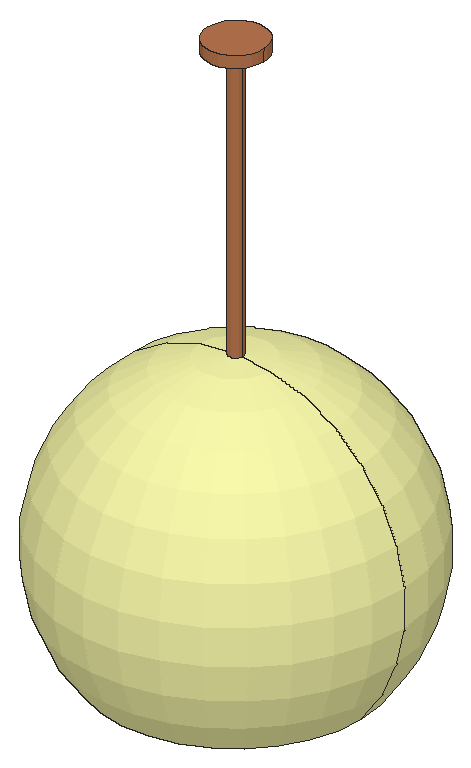
Revit family "EPA_Spherical Suspended Speaker", category Electrical Fixtures, Revit 2013
Parameters
  Soffit/Ceiling Level [instance] = 3000 mm
  Lt = Whitecroft Lighting_Polycarbonate
  Load Classification = Ltg
  Lamp = "1x35W"
  Glass = Glass, Green
  Bottom of Speaker [instance] = 2500 mm
  Apparent Load = 35 VA
Reference planes
  plane 1 "Light Source Axis (F/B)": y = 0
  plane 2: z = 0
  plane 3 "Light Source Axis (L/R)": x = 0
  plane 4 "Light Source Elevation": z = 2500
  plane 5: z = 3000
  plane 6: z = 2750
  plane 7: z = 2990
  plane 8: z = 2600
Forms (mm)
  Extrusion 1, solid, material "Light Body"
    sketch origin (500, 0, 0) x (1, 0, 0) y (0, 1, 0)
      loop
        circle (-500, 0) r 6
    from 2750 to 2990
  Extrusion 2, solid, material "Light Body"
    sketch origin (-500, 0, 2990) x (1, 0, 0) y (0, 1, 0)
      loop
        circle (500, 0) r 25
    from 0 to 10
  Revolve 3, solid, material "Face Plate"
    sketch origin (0, 0, 0) x (1, 0, 0) y (0, 0, 1)
      loop
        arc (0, 2750) -> (-136.931, 2661.237) -> (-111.803, 2500) r 150
        line (-111.803, 2500) -> (0, 2500) -> (0, 2750)
      axis (0, 2750) -> (0, 2500)
    angle from 0 to 360
  Extrusion 4, void
    sketch origin (20, 0, 2500) x (0, -1, 0) y (1, 0, 0)
      loop
        circle (0, 0) r 5
    from 0 to 10
  Extrusion 5, void
    sketch origin (40, 0, 2500) x (0, -1, 0) y (1, 0, 0)
      loop
        circle (0, 0) r 5
    from 0 to 10
  Extrusion 6, void
    sketch origin (60, 0, 2500) x (0, -1, 0) y (1, 0, 0)
      loop
        circle (0, 0) r 5
    from 0 to 10
  Extrusion 7, void
    sketch origin (80, 0, 2500) x (0, -1, 0) y (1, 0, 0)
      loop
        circle (0, 0) r 5
    from 0 to 10
  Extrusion 8, void
    sketch origin (100, 0, 2500) x (0, -1, 0) y (1, 0, 0)
      loop
        circle (0, 0) r 5
    from 0 to 10
  Extrusion 9, void
    sketch origin (20, 20, 2500) x (0, -1, 0) y (1, 0, 0)
      loop
        circle (0, 0) r 5
    from 0 to 10
  Extrusion 10, void
    sketch origin (40, 20, 2500) x (0, -1, 0) y (1, 0, 0)
      loop
        circle (0, 0) r 5
    from 0 to 10
  Extrusion 11, void
    sketch origin (60, 20, 2500) x (0, -1, 0) y (1, 0, 0)
      loop
        circle (0, 0) r 5
    from 0 to 10
  Extrusion 12, void
    sketch origin (80, 20, 2500) x (0, -1, 0) y (1, 0, 0)
      loop
        circle (0, 0) r 5
    from 0 to 10
  Extrusion 13, void
    sketch origin (20, 40, 2500) x (0, -1, 0) y (1, 0, 0)
      loop
        circle (0, 0) r 5
    from 0 to 10
  Extrusion 14, void
    sketch origin (40, 40, 2500) x (0, -1, 0) y (1, 0, 0)
      loop
        circle (0, 0) r 5
    from 0 to 10
  Extrusion 15, void
    sketch origin (60, 40, 2500) x (0, -1, 0) y (1, 0, 0)
      loop
        circle (0, 0) r 5
    from 0 to 10
  Extrusion 16, void
    sketch origin (20, 60, 2500) x (0, -1, 0) y (1, 0, 0)
      loop
        circle (0, 0) r 5
    from 0 to 10
  Extrusion 17, void
    sketch origin (40, 60, 2500) x (0, -1, 0) y (1, 0, 0)
      loop
        circle (0, 0) r 5
    from 0 to 10
  Extrusion 18, void
    sketch origin (60, 60, 2500) x (0, -1, 0) y (1, 0, 0)
      loop
        circle (0, 0) r 5
    from 0 to 10
  Extrusion 19, void
    sketch origin (80, 40, 2500) x (0, -1, 0) y (1, 0, 0)
      loop
        circle (0, 0) r 5
    from 0 to 10
  Extrusion 20, void
    sketch origin (100, 20, 2500) x (0, -1, 0) y (1, 0, 0)
      loop
        circle (0, 0) r 5
    from 0 to 10
  Extrusion 21, void
    sketch origin (20, 80, 2500) x (0, -1, 0) y (1, 0, 0)
      loop
        circle (0, 0) r 5
    from 0 to 10
  Extrusion 22, void
    sketch origin (40, 80, 2500) x (0, -1, 0) y (1, 0, 0)
      loop
        circle (0, 0) r 5
    from 0 to 10
  Extrusion 23, void
    sketch origin (60, 80, 2500) x (0, -1, 0) y (1, 0, 0)
      loop
        circle (0, 0) r 5
    from 0 to 10
  Extrusion 24, void
    sketch origin (80, 60, 2500) x (0, -1, 0) y (1, 0, 0)
      loop
        circle (0, 0) r 5
    from 0 to 10
  Extrusion 25, void
    sketch origin (0, 20, 2500) x (0, -1, 0) y (1, 0, 0)
      loop
        circle (0, 0) r 5
    from 0 to 10
  Extrusion 26, void
    sketch origin (0, 40, 2500) x (0, -1, 0) y (1, 0, 0)
      loop
        circle (0, 0) r 5
    from 0 to 10
  Extrusion 27, void
    sketch origin (0, 60, 2500) x (0, -1, 0) y (1, 0, 0)
      loop
        circle (0, 0) r 5
    from 0 to 10
  Extrusion 28, void
    sketch origin (0, 80, 2500) x (0, -1, 0) y (1, 0, 0)
      loop
        circle (0, 0) r 5
    from 0 to 10
  Extrusion 29, void
    sketch origin (20, 100, 2500) x (0, -1, 0) y (1, 0, 0)
      loop
        circle (0, 0) r 5
    from 0 to 10
  Extrusion 30, void
    sketch origin (0, 100, 2500) x (0, -1, 0) y (1, 0, 0)
      loop
        circle (0, 0) r 5
    from 0 to 10
  Extrusion 31, void
    sketch origin (20, -20, 2500) x (0, 1, 0) y (-1, 0, 0)
      loop
        circle (0, 0) r 5
    from 0 to 10
  Extrusion 32, void
    sketch origin (40, -20, 2500) x (0, 1, 0) y (-1, 0, 0)
      loop
        circle (0, 0) r 5
    from 0 to 10
  Extrusion 33, void
    sketch origin (60, -20, 2500) x (0, 1, 0) y (-1, 0, 0)
      loop
        circle (0, 0) r 5
    from 0 to 10
  Extrusion 34, void
    sketch origin (80, -20, 2500) x (0, 1, 0) y (-1, 0, 0)
      loop
        circle (0, 0) r 5
    from 0 to 10
  Extrusion 35, void
    sketch origin (20, -40, 2500) x (0, 1, 0) y (-1, 0, 0)
      loop
        circle (0, 0) r 5
    from 0 to 10
  Extrusion 36, void
    sketch origin (40, -40, 2500) x (0, 1, 0) y (-1, 0, 0)
      loop
        circle (0, 0) r 5
    from 0 to 10
  Extrusion 37, void
    sketch origin (60, -40, 2500) x (0, 1, 0) y (-1, 0, 0)
      loop
        circle (0, 0) r 5
    from 0 to 10
  Extrusion 38, void
    sketch origin (20, -60, 2500) x (0, 1, 0) y (-1, 0, 0)
      loop
        circle (0, 0) r 5
    from 0 to 10
  Extrusion 39, void
    sketch origin (40, -60, 2500) x (0, 1, 0) y (-1, 0, 0)
      loop
        circle (0, 0) r 5
    from 0 to 10
  Extrusion 40, void
    sketch origin (60, -60, 2500) x (0, 1, 0) y (-1, 0, 0)
      loop
        circle (0, 0) r 5
    from 0 to 10
  Extrusion 41, void
    sketch origin (80, -40, 2500) x (0, 1, 0) y (-1, 0, 0)
      loop
        circle (0, 0) r 5
    from 0 to 10
  Extrusion 42, void
    sketch origin (100, -20, 2500) x (0, 1, 0) y (-1, 0, 0)
      loop
        circle (0, 0) r 5
    from 0 to 10
  Extrusion 43, void
    sketch origin (20, -80, 2500) x (0, 1, 0) y (-1, 0, 0)
      loop
        circle (0, 0) r 5
    from 0 to 10
  Extrusion 44, void
    sketch origin (40, -80, 2500) x (0, 1, 0) y (-1, 0, 0)
      loop
        circle (0, 0) r 5
    from 0 to 10
  Extrusion 45, void
    sketch origin (60, -80, 2500) x (0, 1, 0) y (-1, 0, 0)
      loop
        circle (0, 0) r 5
    from 0 to 10
  Extrusion 46, void
    sketch origin (80, -60, 2500) x (0, 1, 0) y (-1, 0, 0)
      loop
        circle (0, 0) r 5
    from 0 to 10
  Extrusion 47, void
    sketch origin (0, -20, 2500) x (0, 1, 0) y (-1, 0, 0)
      loop
        circle (0, 0) r 5
    from 0 to 10
  Extrusion 48, void
    sketch origin (0, -40, 2500) x (0, 1, 0) y (-1, 0, 0)
      loop
        circle (0, 0) r 5
    from 0 to 10
  Extrusion 49, void
    sketch origin (0, -60, 2500) x (0, 1, 0) y (-1, 0, 0)
      loop
        circle (0, 0) r 5
    from 0 to 10
  Extrusion 50, void
    sketch origin (0, -80, 2500) x (0, 1, 0) y (-1, 0, 0)
      loop
        circle (0, 0) r 5
    from 0 to 10
  Extrusion 51, void
    sketch origin (20, -100, 2500) x (0, 1, 0) y (-1, 0, 0)
      loop
        circle (0, 0) r 5
    from 0 to 10
  Extrusion 52, void
    sketch origin (0, -100, 2500) x (0, 1, 0) y (-1, 0, 0)
      loop
        circle (0, 0) r 5
    from 0 to 10
  Extrusion 53, void
    sketch origin (-20, 0, 2500) x (0, -1, 0) y (1, 0, 0)
      loop
        circle (0, 0) r 5
    from 0 to 10
  Extrusion 54, void
    sketch origin (-40, 0, 2500) x (0, -1, 0) y (1, 0, 0)
      loop
        circle (0, 0) r 5
    from 0 to 10
  Extrusion 55, void
    sketch origin (-60, 0, 2500) x (0, -1, 0) y (1, 0, 0)
      loop
        circle (0, 0) r 5
    from 0 to 10
  Extrusion 56, void
    sketch origin (-80, 0, 2500) x (0, -1, 0) y (1, 0, 0)
      loop
        circle (0, 0) r 5
    from 0 to 10
  Extrusion 57, void
    sketch origin (-100, 0, 2500) x (0, -1, 0) y (1, 0, 0)
      loop
        circle (0, 0) r 5
    from 0 to 10
  Extrusion 58, void
    sketch origin (-20, 20, 2500) x (0, -1, 0) y (1, 0, 0)
      loop
        circle (0, 0) r 5
    from 0 to 10
  Extrusion 59, void
    sketch origin (-40, 20, 2500) x (0, -1, 0) y (1, 0, 0)
      loop
        circle (0, 0) r 5
    from 0 to 10
  Extrusion 60, void
    sketch origin (-60, 20, 2500) x (0, -1, 0) y (1, 0, 0)
      loop
        circle (0, 0) r 5
    from 0 to 10
  Extrusion 61, void
    sketch origin (-80, 20, 2500) x (0, -1, 0) y (1, 0, 0)
      loop
        circle (0, 0) r 5
    from 0 to 10
  Extrusion 62, void
    sketch origin (-20, 40, 2500) x (0, -1, 0) y (1, 0, 0)
      loop
        circle (0, 0) r 5
    from 0 to 10
  Extrusion 63, void
    sketch origin (-40, 40, 2500) x (0, -1, 0) y (1, 0, 0)
      loop
        circle (0, 0) r 5
    from 0 to 10
  Extrusion 64, void
    sketch origin (-60, 40, 2500) x (0, -1, 0) y (1, 0, 0)
      loop
        circle (0, 0) r 5
    from 0 to 10
  Extrusion 65, void
    sketch origin (-20, 60, 2500) x (0, -1, 0) y (1, 0, 0)
      loop
        circle (0, 0) r 5
    from 0 to 10
  Extrusion 66, void
    sketch origin (-40, 60, 2500) x (0, -1, 0) y (1, 0, 0)
      loop
        circle (0, 0) r 5
    from 0 to 10
  Extrusion 67, void
    sketch origin (-60, 60, 2500) x (0, -1, 0) y (1, 0, 0)
      loop
        circle (0, 0) r 5
    from 0 to 10
  Extrusion 68, void
    sketch origin (-100, 20, 2500) x (0, -1, 0) y (1, 0, 0)
      loop
        circle (0, 0) r 5
    from 0 to 10
  Extrusion 69, void
    sketch origin (-20, 80, 2500) x (0, -1, 0) y (1, 0, 0)
      loop
        circle (0, 0) r 5
    from 0 to 10
  Extrusion 70, void
    sketch origin (-40, 80, 2500) x (0, -1, 0) y (1, 0, 0)
      loop
        circle (0, 0) r 5
    from 0 to 10
  Extrusion 71, void
    sketch origin (-60, 80, 2500) x (0, -1, 0) y (1, 0, 0)
      loop
        circle (0, 0) r 5
    from 0 to 10
  Extrusion 72, void
    sketch origin (-80, 60, 2500) x (0, -1, 0) y (1, 0, 0)
      loop
        circle (0, 0) r 5
    from 0 to 10
  Extrusion 73, void
    sketch origin (-20, 100, 2500) x (0, -1, 0) y (1, 0, 0)
      loop
        circle (0, 0) r 5
    from 0 to 10
  Extrusion 74, void
    sketch origin (-20, -20, 2500) x (0, 1, 0) y (-1, 0, 0)
      loop
        circle (0, 0) r 5
    from 0 to 10
  Extrusion 75, void
    sketch origin (-40, -20, 2500) x (0, 1, 0) y (-1, 0, 0)
      loop
        circle (0, 0) r 5
    from 0 to 10
  Extrusion 76, void
    sketch origin (-60, -20, 2500) x (0, 1, 0) y (-1, 0, 0)
      loop
        circle (0, 0) r 5
    from 0 to 10
  Extrusion 77, void
    sketch origin (-80, -20, 2500) x (0, 1, 0) y (-1, 0, 0)
      loop
        circle (0, 0) r 5
    from 0 to 10
  Extrusion 78, void
    sketch origin (-20, -40, 2500) x (0, 1, 0) y (-1, 0, 0)
      loop
        circle (0, 0) r 5
    from 0 to 10
  Extrusion 79, void
    sketch origin (-40, -40, 2500) x (0, 1, 0) y (-1, 0, 0)
      loop
        circle (0, 0) r 5
    from 0 to 10
  Extrusion 80, void
    sketch origin (-60, -40, 2500) x (0, 1, 0) y (-1, 0, 0)
      loop
        circle (0, 0) r 5
    from 0 to 10
  Extrusion 81, void
    sketch origin (-20, -60, 2500) x (0, 1, 0) y (-1, 0, 0)
      loop
        circle (0, 0) r 5
    from 0 to 10
  Extrusion 82, void
    sketch origin (-40, -60, 2500) x (0, 1, 0) y (-1, 0, 0)
      loop
        circle (0, 0) r 5
    from 0 to 10
  Extrusion 83, void
    sketch origin (-60, -60, 2500) x (0, 1, 0) y (-1, 0, 0)
      loop
        circle (0, 0) r 5
    from 0 to 10
  Extrusion 84, void
    sketch origin (-80, -40, 2500) x (0, 1, 0) y (-1, 0, 0)
      loop
        circle (0, 0) r 5
    from 0 to 10
  Extrusion 85, void
    sketch origin (-100, -20, 2500) x (0, 1, 0) y (-1, 0, 0)
      loop
        circle (0, 0) r 5
    from 0 to 10
  Extrusion 86, void
    sketch origin (-20, -80, 2500) x (0, 1, 0) y (-1, 0, 0)
      loop
        circle (0, 0) r 5
    from 0 to 10
  Extrusion 87, void
    sketch origin (-40, -80, 2500) x (0, 1, 0) y (-1, 0, 0)
      loop
        circle (0, 0) r 5
    from 0 to 10
  Extrusion 88, void
    sketch origin (-60, -80, 2500) x (0, 1, 0) y (-1, 0, 0)
      loop
        circle (0, 0) r 5
    from 0 to 10
  Extrusion 89, void
    sketch origin (-80, -60, 2500) x (0, 1, 0) y (-1, 0, 0)
      loop
        circle (0, 0) r 5
    from 0 to 10
  Extrusion 90, void
    sketch origin (-20, -100, 2500) x (0, 1, 0) y (-1, 0, 0)
      loop
        circle (0, 0) r 5
    from 0 to 10
  Extrusion 91, void
    sketch origin (-80, 40, 2500) x (0, -1, 0) y (1, 0, 0)
      loop
        circle (0, 0) r 5
    from 0 to 10
  Extrusion 92, void
    sketch origin (0, 0, 2500) x (0, -1, 0) y (1, 0, 0)
      loop
        circle (0, 0) r 5
    from 0 to 10
Cuts and joins
  Extrusion 4, Extrusion 5, Extrusion 6, Extrusion 7, Extrusion 8, Extrusion 9, Extrusion 10, Extrusion 11, Extrusion 12, Extrusion 13, Extrusion 14, Extrusion 15, Extrusion 16, Extrusion 17, Extrusion 18, Extrusion 19, Extrusion 20, Extrusion 21, Extrusion 22, Extrusion 23, Extrusion 24, Extrusion 25, Extrusion 26, Extrusion 27, Extrusion 28, Extrusion 29, Extrusion 30, Extrusion 31, Extrusion 32, Extrusion 33, Extrusion 34, Extrusion 35, Extrusion 36, Extrusion 37, Extrusion 38, Extrusion 39, Extrusion 40, Extrusion 41, Extrusion 42, Extrusion 43, Extrusion 44, Extrusion 45, Extrusion 46, Extrusion 47, Extrusion 48, Extrusion 49, Extrusion 50, Extrusion 51, Extrusion 52, Extrusion 53, Extrusion 54, Extrusion 55, Extrusion 56, Extrusion 57, Extrusion 58, Extrusion 59, Extrusion 60, Extrusion 61, Extrusion 62, Extrusion 63, Extrusion 64, Extrusion 65, Extrusion 66, Extrusion 67, Extrusion 68, Extrusion 69, Extrusion 70, Extrusion 71, Extrusion 72, Extrusion 73, Extrusion 74, Extrusion 75, Extrusion 76, Extrusion 77, Extrusion 78, Extrusion 79, Extrusion 80, Extrusion 81, Extrusion 82, Extrusion 83, Extrusion 84, Extrusion 85, Extrusion 86, Extrusion 87, Extrusion 88, Extrusion 89, Extrusion 90, Extrusion 91, Extrusion 92 cuts Revolve 3
Dimensions and locks
  "Soffit/Ceiling Level": plane 5 to level
  locked: plane 5 to plane 7 at 10
  locked: plane 6 to plane 8 at 150
  locked: plane 8 to plane 4 "Light Source Elevation" at 100
  "Bottom of Speaker": plane 4 "Light Source Elevation" to level
  aligned and locked: plane 2 to level
  aligned and locked: plane 5 to Extrusion 2
  aligned and locked: Extrusion 2 to plane 7
  aligned and locked: plane 7 to Extrusion 1
  aligned and locked: Extrusion 1 to plane 6
Automatic sketch dimensions
  plane 1 "Light Source Axis (F/B)" to Extrusion 1 sketch curve = 0 mm
  Extrusion 1 sketch curve to plane 3 "Light Source Axis (L/R)" = 0 mm
  plane 1 "Light Source Axis (F/B)" to Extrusion 2 sketch curve = 0 mm
  Extrusion 2 sketch curve to plane 3 "Light Source Axis (L/R)" = 0 mm
  Revolve 3 sketch curve to plane 4 "Light Source Elevation" = 0 mm
  Revolve 3 sketch curve to plane 3 "Light Source Axis (L/R)" = 0 mm  (x2)
  Revolve 3 sketch curve to plane 6 = 0 mm
  Revolve 3 sketch curve to plane 8 = 0 mm
  plane 4 "Light Source Elevation" to Revolve 3 sketch curve = 65 mm
  Revolve 3 sketch curve to Revolve 3 sketch curve = 80 mm
  plane 1 "Light Source Axis (F/B)" to Extrusion 4 sketch curve = 0 mm
  plane 3 "Light Source Axis (L/R)" to Extrusion 4 sketch curve = 20 mm
  plane 1 "Light Source Axis (F/B)" to Extrusion 5 sketch curve = 0 mm
  plane 3 "Light Source Axis (L/R)" to Extrusion 5 sketch curve = 40 mm
  plane 1 "Light Source Axis (F/B)" to Extrusion 6 sketch curve = 0 mm
  plane 3 "Light Source Axis (L/R)" to Extrusion 6 sketch curve = 60 mm
  plane 1 "Light Source Axis (F/B)" to Extrusion 7 sketch curve = 0 mm
  plane 3 "Light Source Axis (L/R)" to Extrusion 7 sketch curve = 80 mm
  plane 1 "Light Source Axis (F/B)" to Extrusion 8 sketch curve = 0 mm
  plane 3 "Light Source Axis (L/R)" to Extrusion 8 sketch curve = 100 mm
  plane 3 "Light Source Axis (L/R)" to Extrusion 9 sketch curve = 20 mm
  plane 3 "Light Source Axis (L/R)" to Extrusion 10 sketch curve = 40 mm
  plane 3 "Light Source Axis (L/R)" to Extrusion 11 sketch curve = 60 mm
  plane 3 "Light Source Axis (L/R)" to Extrusion 12 sketch curve = 80 mm
  plane 3 "Light Source Axis (L/R)" to Extrusion 13 sketch curve = 20 mm
  plane 3 "Light Source Axis (L/R)" to Extrusion 14 sketch curve = 40 mm
  plane 3 "Light Source Axis (L/R)" to Extrusion 15 sketch curve = 60 mm
  plane 3 "Light Source Axis (L/R)" to Extrusion 16 sketch curve = 20 mm
  plane 3 "Light Source Axis (L/R)" to Extrusion 17 sketch curve = 40 mm
  plane 3 "Light Source Axis (L/R)" to Extrusion 18 sketch curve = 60 mm
  plane 3 "Light Source Axis (L/R)" to Extrusion 19 sketch curve = 80 mm
  plane 3 "Light Source Axis (L/R)" to Extrusion 20 sketch curve = 100 mm
  plane 3 "Light Source Axis (L/R)" to Extrusion 21 sketch curve = 20 mm
  plane 3 "Light Source Axis (L/R)" to Extrusion 22 sketch curve = 40 mm
  plane 3 "Light Source Axis (L/R)" to Extrusion 23 sketch curve = 60 mm
  plane 3 "Light Source Axis (L/R)" to Extrusion 24 sketch curve = 80 mm
  Extrusion 25 sketch curve to plane 3 "Light Source Axis (L/R)" = 0 mm
  Extrusion 26 sketch curve to plane 3 "Light Source Axis (L/R)" = 0 mm
  Extrusion 27 sketch curve to plane 3 "Light Source Axis (L/R)" = 0 mm
  Extrusion 28 sketch curve to plane 3 "Light Source Axis (L/R)" = 0 mm
  plane 3 "Light Source Axis (L/R)" to Extrusion 29 sketch curve = 20 mm
  Extrusion 30 sketch curve to plane 3 "Light Source Axis (L/R)" = 0 mm
  Extrusion 31 sketch curve to plane 3 "Light Source Axis (L/R)" = 20 mm
  Extrusion 32 sketch curve to plane 3 "Light Source Axis (L/R)" = 40 mm
  Extrusion 33 sketch curve to plane 3 "Light Source Axis (L/R)" = 60 mm
  Extrusion 34 sketch curve to plane 3 "Light Source Axis (L/R)" = 80 mm
  Extrusion 35 sketch curve to plane 3 "Light Source Axis (L/R)" = 20 mm
  Extrusion 36 sketch curve to plane 3 "Light Source Axis (L/R)" = 40 mm
  Extrusion 37 sketch curve to plane 3 "Light Source Axis (L/R)" = 60 mm
  Extrusion 38 sketch curve to plane 3 "Light Source Axis (L/R)" = 20 mm
  Extrusion 39 sketch curve to plane 3 "Light Source Axis (L/R)" = 40 mm
  Extrusion 40 sketch curve to plane 3 "Light Source Axis (L/R)" = 60 mm
  Extrusion 41 sketch curve to plane 3 "Light Source Axis (L/R)" = 80 mm
  Extrusion 42 sketch curve to plane 3 "Light Source Axis (L/R)" = 100 mm
  Extrusion 43 sketch curve to plane 3 "Light Source Axis (L/R)" = 20 mm
  Extrusion 44 sketch curve to plane 3 "Light Source Axis (L/R)" = 40 mm
  Extrusion 45 sketch curve to plane 3 "Light Source Axis (L/R)" = 60 mm
  Extrusion 46 sketch curve to plane 3 "Light Source Axis (L/R)" = 80 mm
  Extrusion 47 sketch curve to plane 3 "Light Source Axis (L/R)" = 0 mm
  Extrusion 48 sketch curve to plane 3 "Light Source Axis (L/R)" = 0 mm
  Extrusion 49 sketch curve to plane 3 "Light Source Axis (L/R)" = 0 mm
  Extrusion 50 sketch curve to plane 3 "Light Source Axis (L/R)" = 0 mm
  Extrusion 51 sketch curve to plane 3 "Light Source Axis (L/R)" = 20 mm
  Extrusion 52 sketch curve to plane 3 "Light Source Axis (L/R)" = 0 mm
  plane 1 "Light Source Axis (F/B)" to Extrusion 53 sketch curve = 0 mm
  plane 3 "Light Source Axis (L/R)" to Extrusion 53 sketch curve = 20 mm
  plane 1 "Light Source Axis (F/B)" to Extrusion 54 sketch curve = 0 mm
  plane 3 "Light Source Axis (L/R)" to Extrusion 54 sketch curve = 40 mm
  plane 1 "Light Source Axis (F/B)" to Extrusion 55 sketch curve = 0 mm
  plane 3 "Light Source Axis (L/R)" to Extrusion 55 sketch curve = 60 mm
  plane 1 "Light Source Axis (F/B)" to Extrusion 56 sketch curve = 0 mm
  plane 3 "Light Source Axis (L/R)" to Extrusion 56 sketch curve = 80 mm
  plane 1 "Light Source Axis (F/B)" to Extrusion 57 sketch curve = 0 mm
  plane 3 "Light Source Axis (L/R)" to Extrusion 57 sketch curve = 100 mm
  plane 3 "Light Source Axis (L/R)" to Extrusion 58 sketch curve = 20 mm
  plane 3 "Light Source Axis (L/R)" to Extrusion 59 sketch curve = 40 mm
  plane 3 "Light Source Axis (L/R)" to Extrusion 60 sketch curve = 60 mm
  plane 3 "Light Source Axis (L/R)" to Extrusion 61 sketch curve = 80 mm
  plane 3 "Light Source Axis (L/R)" to Extrusion 62 sketch curve = 20 mm
  plane 3 "Light Source Axis (L/R)" to Extrusion 63 sketch curve = 40 mm
  plane 3 "Light Source Axis (L/R)" to Extrusion 64 sketch curve = 60 mm
  plane 3 "Light Source Axis (L/R)" to Extrusion 65 sketch curve = 20 mm
  plane 3 "Light Source Axis (L/R)" to Extrusion 66 sketch curve = 40 mm
  plane 3 "Light Source Axis (L/R)" to Extrusion 67 sketch curve = 60 mm
  plane 3 "Light Source Axis (L/R)" to Extrusion 68 sketch curve = 100 mm
  plane 3 "Light Source Axis (L/R)" to Extrusion 69 sketch curve = 20 mm
  plane 3 "Light Source Axis (L/R)" to Extrusion 70 sketch curve = 40 mm
  plane 3 "Light Source Axis (L/R)" to Extrusion 71 sketch curve = 60 mm
  plane 3 "Light Source Axis (L/R)" to Extrusion 72 sketch curve = 80 mm
  plane 3 "Light Source Axis (L/R)" to Extrusion 73 sketch curve = 20 mm
  Extrusion 74 sketch curve to plane 3 "Light Source Axis (L/R)" = 20 mm
  Extrusion 75 sketch curve to plane 3 "Light Source Axis (L/R)" = 40 mm
  Extrusion 76 sketch curve to plane 3 "Light Source Axis (L/R)" = 60 mm
  Extrusion 77 sketch curve to plane 3 "Light Source Axis (L/R)" = 80 mm
  Extrusion 78 sketch curve to plane 3 "Light Source Axis (L/R)" = 20 mm
  Extrusion 79 sketch curve to plane 3 "Light Source Axis (L/R)" = 40 mm
  Extrusion 80 sketch curve to plane 3 "Light Source Axis (L/R)" = 60 mm
  Extrusion 81 sketch curve to plane 3 "Light Source Axis (L/R)" = 20 mm
  Extrusion 82 sketch curve to plane 3 "Light Source Axis (L/R)" = 40 mm
  Extrusion 83 sketch curve to plane 3 "Light Source Axis (L/R)" = 60 mm
  Extrusion 84 sketch curve to plane 3 "Light Source Axis (L/R)" = 80 mm
  Extrusion 85 sketch curve to plane 3 "Light Source Axis (L/R)" = 100 mm
  Extrusion 86 sketch curve to plane 3 "Light Source Axis (L/R)" = 20 mm
  Extrusion 87 sketch curve to plane 3 "Light Source Axis (L/R)" = 40 mm
  Extrusion 88 sketch curve to plane 3 "Light Source Axis (L/R)" = 60 mm
  Extrusion 89 sketch curve to plane 3 "Light Source Axis (L/R)" = 80 mm
  Extrusion 90 sketch curve to plane 3 "Light Source Axis (L/R)" = 20 mm
  plane 3 "Light Source Axis (L/R)" to Extrusion 91 sketch curve = 80 mm
  plane 1 "Light Source Axis (F/B)" to Extrusion 92 sketch curve = 0 mm
  Extrusion 92 sketch curve to plane 3 "Light Source Axis (L/R)" = 0 mm
  Extrusion 9 sketch curve to plane 1 "Light Source Axis (F/B)" = 20 mm
  Extrusion 10 sketch curve to plane 1 "Light Source Axis (F/B)" = 20 mm
  Extrusion 11 sketch curve to plane 1 "Light Source Axis (F/B)" = 20 mm
  Extrusion 12 sketch curve to plane 1 "Light Source Axis (F/B)" = 20 mm
  Extrusion 20 sketch curve to plane 1 "Light Source Axis (F/B)" = 20 mm
  Extrusion 25 sketch curve to plane 1 "Light Source Axis (F/B)" = 20 mm
  plane 1 "Light Source Axis (F/B)" to Extrusion 58 sketch curve = 20 mm
  plane 1 "Light Source Axis (F/B)" to Extrusion 59 sketch curve = 20 mm
  plane 1 "Light Source Axis (F/B)" to Extrusion 60 sketch curve = 20 mm
  plane 1 "Light Source Axis (F/B)" to Extrusion 61 sketch curve = 20 mm
  plane 1 "Light Source Axis (F/B)" to Extrusion 68 sketch curve = 20 mm
  Extrusion 31 sketch curve to plane 1 "Light Source Axis (F/B)" = 20 mm
  Extrusion 32 sketch curve to plane 1 "Light Source Axis (F/B)" = 20 mm
  Extrusion 33 sketch curve to plane 1 "Light Source Axis (F/B)" = 20 mm
  Extrusion 34 sketch curve to plane 1 "Light Source Axis (F/B)" = 20 mm
  Extrusion 42 sketch curve to plane 1 "Light Source Axis (F/B)" = 20 mm
  Extrusion 47 sketch curve to plane 1 "Light Source Axis (F/B)" = 20 mm
  plane 1 "Light Source Axis (F/B)" to Extrusion 74 sketch curve = 20 mm
  plane 1 "Light Source Axis (F/B)" to Extrusion 75 sketch curve = 20 mm
  plane 1 "Light Source Axis (F/B)" to Extrusion 76 sketch curve = 20 mm
  plane 1 "Light Source Axis (F/B)" to Extrusion 77 sketch curve = 20 mm
  plane 1 "Light Source Axis (F/B)" to Extrusion 85 sketch curve = 20 mm
  Extrusion 35 sketch curve to plane 1 "Light Source Axis (F/B)" = 40 mm
  Extrusion 36 sketch curve to plane 1 "Light Source Axis (F/B)" = 40 mm
  Extrusion 37 sketch curve to plane 1 "Light Source Axis (F/B)" = 40 mm
  Extrusion 41 sketch curve to plane 1 "Light Source Axis (F/B)" = 40 mm
  Extrusion 48 sketch curve to plane 1 "Light Source Axis (F/B)" = 40 mm
  plane 1 "Light Source Axis (F/B)" to Extrusion 78 sketch curve = 40 mm
  plane 1 "Light Source Axis (F/B)" to Extrusion 79 sketch curve = 40 mm
  plane 1 "Light Source Axis (F/B)" to Extrusion 80 sketch curve = 40 mm
  plane 1 "Light Source Axis (F/B)" to Extrusion 84 sketch curve = 40 mm
  Extrusion 38 sketch curve to plane 1 "Light Source Axis (F/B)" = 60 mm
  Extrusion 39 sketch curve to plane 1 "Light Source Axis (F/B)" = 60 mm
  Extrusion 40 sketch curve to plane 1 "Light Source Axis (F/B)" = 60 mm
  Extrusion 46 sketch curve to plane 1 "Light Source Axis (F/B)" = 60 mm
  Extrusion 49 sketch curve to plane 1 "Light Source Axis (F/B)" = 60 mm
  plane 1 "Light Source Axis (F/B)" to Extrusion 81 sketch curve = 60 mm
  plane 1 "Light Source Axis (F/B)" to Extrusion 82 sketch curve = 60 mm
  plane 1 "Light Source Axis (F/B)" to Extrusion 83 sketch curve = 60 mm
  plane 1 "Light Source Axis (F/B)" to Extrusion 89 sketch curve = 60 mm
  Extrusion 43 sketch curve to plane 1 "Light Source Axis (F/B)" = 80 mm
  Extrusion 44 sketch curve to plane 1 "Light Source Axis (F/B)" = 80 mm
  Extrusion 45 sketch curve to plane 1 "Light Source Axis (F/B)" = 80 mm
  Extrusion 50 sketch curve to plane 1 "Light Source Axis (F/B)" = 80 mm
  Extrusion 51 sketch curve to plane 1 "Light Source Axis (F/B)" = 100 mm
  Extrusion 52 sketch curve to plane 1 "Light Source Axis (F/B)" = 100 mm
  plane 1 "Light Source Axis (F/B)" to Extrusion 86 sketch curve = 80 mm
  plane 1 "Light Source Axis (F/B)" to Extrusion 87 sketch curve = 80 mm
  plane 1 "Light Source Axis (F/B)" to Extrusion 88 sketch curve = 80 mm
  plane 1 "Light Source Axis (F/B)" to Extrusion 90 sketch curve = 100 mm
  Extrusion 13 sketch curve to plane 1 "Light Source Axis (F/B)" = 40 mm
  Extrusion 14 sketch curve to plane 1 "Light Source Axis (F/B)" = 40 mm
  Extrusion 15 sketch curve to plane 1 "Light Source Axis (F/B)" = 40 mm
  Extrusion 19 sketch curve to plane 1 "Light Source Axis (F/B)" = 40 mm
  Extrusion 26 sketch curve to plane 1 "Light Source Axis (F/B)" = 40 mm
  plane 1 "Light Source Axis (F/B)" to Extrusion 62 sketch curve = 40 mm
  plane 1 "Light Source Axis (F/B)" to Extrusion 63 sketch curve = 40 mm
  plane 1 "Light Source Axis (F/B)" to Extrusion 64 sketch curve = 40 mm
  plane 1 "Light Source Axis (F/B)" to Extrusion 91 sketch curve = 40 mm
  Extrusion 16 sketch curve to plane 1 "Light Source Axis (F/B)" = 60 mm
  Extrusion 17 sketch curve to plane 1 "Light Source Axis (F/B)" = 60 mm
  Extrusion 18 sketch curve to plane 1 "Light Source Axis (F/B)" = 60 mm
  Extrusion 24 sketch curve to plane 1 "Light Source Axis (F/B)" = 60 mm
  Extrusion 27 sketch curve to plane 1 "Light Source Axis (F/B)" = 60 mm
  plane 1 "Light Source Axis (F/B)" to Extrusion 65 sketch curve = 60 mm
  plane 1 "Light Source Axis (F/B)" to Extrusion 66 sketch curve = 60 mm
  plane 1 "Light Source Axis (F/B)" to Extrusion 67 sketch curve = 60 mm
  plane 1 "Light Source Axis (F/B)" to Extrusion 72 sketch curve = 60 mm
  Extrusion 21 sketch curve to plane 1 "Light Source Axis (F/B)" = 80 mm
  Extrusion 22 sketch curve to plane 1 "Light Source Axis (F/B)" = 80 mm
  Extrusion 23 sketch curve to plane 1 "Light Source Axis (F/B)" = 80 mm
  Extrusion 28 sketch curve to plane 1 "Light Source Axis (F/B)" = 80 mm
  Extrusion 29 sketch curve to plane 1 "Light Source Axis (F/B)" = 100 mm
  Extrusion 30 sketch curve to plane 1 "Light Source Axis (F/B)" = 100 mm
  plane 1 "Light Source Axis (F/B)" to Extrusion 69 sketch curve = 80 mm
  plane 1 "Light Source Axis (F/B)" to Extrusion 70 sketch curve = 80 mm
  plane 1 "Light Source Axis (F/B)" to Extrusion 71 sketch curve = 80 mm
  plane 1 "Light Source Axis (F/B)" to Extrusion 73 sketch curve = 100 mm
  radius of Extrusion 1 sketch curve = 6 mm
  radius of Extrusion 2 sketch curve = 25 mm
  radius of Extrusion 4 sketch curve = 5 mm
  radius of Extrusion 5 sketch curve = 5 mm
  radius of Extrusion 6 sketch curve = 5 mm
  radius of Extrusion 7 sketch curve = 5 mm
  radius of Extrusion 8 sketch curve = 5 mm
  radius of Extrusion 9 sketch curve = 5 mm
  radius of Extrusion 10 sketch curve = 5 mm
  radius of Extrusion 11 sketch curve = 5 mm
  radius of Extrusion 12 sketch curve = 5 mm
  radius of Extrusion 13 sketch curve = 5 mm
  radius of Extrusion 14 sketch curve = 5 mm
  radius of Extrusion 15 sketch curve = 5 mm
  radius of Extrusion 16 sketch curve = 5 mm
  radius of Extrusion 17 sketch curve = 5 mm
  radius of Extrusion 18 sketch curve = 5 mm
  radius of Extrusion 19 sketch curve = 5 mm
  radius of Extrusion 20 sketch curve = 5 mm
  radius of Extrusion 21 sketch curve = 5 mm
  radius of Extrusion 22 sketch curve = 5 mm
  radius of Extrusion 23 sketch curve = 5 mm
  radius of Extrusion 24 sketch curve = 5 mm
  radius of Extrusion 25 sketch curve = 5 mm
  radius of Extrusion 26 sketch curve = 5 mm
  radius of Extrusion 27 sketch curve = 5 mm
  radius of Extrusion 28 sketch curve = 5 mm
  radius of Extrusion 29 sketch curve = 5 mm
  radius of Extrusion 30 sketch curve = 5 mm
  radius of Extrusion 31 sketch curve = 5 mm
  radius of Extrusion 32 sketch curve = 5 mm
  radius of Extrusion 33 sketch curve = 5 mm
  radius of Extrusion 34 sketch curve = 5 mm
  radius of Extrusion 35 sketch curve = 5 mm
  radius of Extrusion 36 sketch curve = 5 mm
  radius of Extrusion 37 sketch curve = 5 mm
  radius of Extrusion 38 sketch curve = 5 mm
  radius of Extrusion 39 sketch curve = 5 mm
  radius of Extrusion 40 sketch curve = 5 mm
  radius of Extrusion 41 sketch curve = 5 mm
  radius of Extrusion 42 sketch curve = 5 mm
  radius of Extrusion 43 sketch curve = 5 mm
  radius of Extrusion 44 sketch curve = 5 mm
  radius of Extrusion 45 sketch curve = 5 mm
  radius of Extrusion 46 sketch curve = 5 mm
  radius of Extrusion 47 sketch curve = 5 mm
  radius of Extrusion 48 sketch curve = 5 mm
  radius of Extrusion 49 sketch curve = 5 mm
  radius of Extrusion 50 sketch curve = 5 mm
  radius of Extrusion 51 sketch curve = 5 mm
  radius of Extrusion 52 sketch curve = 5 mm
  radius of Extrusion 53 sketch curve = 5 mm
  radius of Extrusion 54 sketch curve = 5 mm
  radius of Extrusion 55 sketch curve = 5 mm
  radius of Extrusion 56 sketch curve = 5 mm
  radius of Extrusion 57 sketch curve = 5 mm
  radius of Extrusion 58 sketch curve = 5 mm
  radius of Extrusion 59 sketch curve = 5 mm
  radius of Extrusion 60 sketch curve = 5 mm
  radius of Extrusion 61 sketch curve = 5 mm
  radius of Extrusion 62 sketch curve = 5 mm
  radius of Extrusion 63 sketch curve = 5 mm
  radius of Extrusion 64 sketch curve = 5 mm
  radius of Extrusion 65 sketch curve = 5 mm
  radius of Extrusion 66 sketch curve = 5 mm
  radius of Extrusion 67 sketch curve = 5 mm
  radius of Extrusion 68 sketch curve = 5 mm
  radius of Extrusion 69 sketch curve = 5 mm
  radius of Extrusion 70 sketch curve = 5 mm
  radius of Extrusion 71 sketch curve = 5 mm
  radius of Extrusion 72 sketch curve = 5 mm
  radius of Extrusion 73 sketch curve = 5 mm
  radius of Extrusion 74 sketch curve = 5 mm
  radius of Extrusion 75 sketch curve = 5 mm
  radius of Extrusion 76 sketch curve = 5 mm
  radius of Extrusion 77 sketch curve = 5 mm
  radius of Extrusion 78 sketch curve = 5 mm
  radius of Extrusion 79 sketch curve = 5 mm
  radius of Extrusion 80 sketch curve = 5 mm
  radius of Extrusion 81 sketch curve = 5 mm
  radius of Extrusion 82 sketch curve = 5 mm
  radius of Extrusion 83 sketch curve = 5 mm
  radius of Extrusion 84 sketch curve = 5 mm
  radius of Extrusion 85 sketch curve = 5 mm
  radius of Extrusion 86 sketch curve = 5 mm
  radius of Extrusion 87 sketch curve = 5 mm
  radius of Extrusion 88 sketch curve = 5 mm
  radius of Extrusion 89 sketch curve = 5 mm
  radius of Extrusion 90 sketch curve = 5 mm
  radius of Extrusion 91 sketch curve = 5 mm
  radius of Extrusion 92 sketch curve = 5 mm
Nested families
  nested 1: "EPA_SPK_SSS" at (0, 0, 0), type "EPA_SPK_SSS"
Definition of nested family "EPA_SPK_SSS"
  Reference planes
    plane 1: y = 0
    plane 2: x = 0
  Lines and regions (mm)
    detail lines, style "PA Symbols"
      curve 1: circle (0, 0, 0) r 1.75 normal (0, 0, 1)
  Text (mm)
    text "SP" at (0.076, 1.443, 0)
